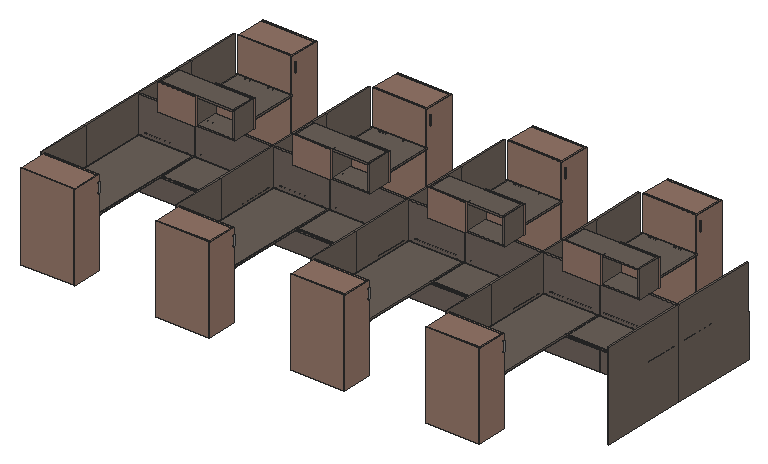
Revit family "T200031", category Furniture, Revit 2022
Family settings
  OmniClass Number = 23.40.20.00
  OmniClass Title = General Furniture and Specialties
  Work Plane-Based = No
  Always vertical = Yes
  Cut with Voids When Loaded = No
  Render Appearance Source = Family Geometry
  Shared = No
  Room Calculation Point = No
Parameters
  Default Elevation = 0' - 0"
Reference planes (in)
  plane 1 "Center Front/Back": y = 0
  plane 2: z = 0
  plane 3 "Center Left/Right": x = 0
Dimensions and locks (in)
  aligned and locked: level to plane 2
Nested families (in)
  nested 1: "STAKS SPINE OR DIVIDER WALL 48in" at (-156.05498, 2.33365, 0), type "STAKS SPINE OR DIVIDER WALL 48in X 33in"
    with Height Above Floor 4' - 0", Width 2' - 7 1/2"
  nested 2: "STAKS SPINE OR DIVIDER WALL 48in" at (-124.55498, 2.33365, 0), type "STAKS SPINE OR DIVIDER WALL 48in X 42in"
    with Height Above Floor 4' - 0"
  nested 3: "STAKS SPINE OR DIVIDER WALL 48in" at (-151.33365, -7.55498, 0) x (0, 1, 0) z (0, 0, 1), type "STAKS SPINE OR DIVIDER WALL 48in X 37in"
    with Height Above Floor 4' - 0", Width 3' - 0 1/2"
  nested 4: "STAKS SPINE OR DIVIDER WALL 48in" at (-146.66635, 74.05498, 0) x (0, -1, 0) z (0, 0, 1), type "STAKS SPINE OR DIVIDER WALL 48in X 30in"
    with Height Above Floor 4' - 0"
  nested 5: "STAKS RECTANGULAR WORKSURFACES Worksurface Height" at (-148.83365, -5.55498, 0) x (0, 1, 0) z (0, 0, 1), type "STAKS RECTANGULAR WORKSURFACE 66 x 30"
    with Height Above Floor 2' - 5", Width 5' - 4 1/2"
  nested 6: "STAKS RECTANGULAR WORKSURFACES Short Grain" at (-124.55498, 25.83365, 0), type "STAKS RECTANGULAR WORKSURFACE 22 x 42"
    with Height Above Floor 2' - 5"
  nested 7: "STAKS BENCHING WORKSURFACE BRACKETS" at (-123.20122, 63.8434, 0), type "STAKS BENCHING WORKSURFACE BRACKET 8in"
  nested 8: "STAKS BENCHING WORKSURFACE BRACKETS" at (-109.93636, 63.8434, 0), type "STAKS BENCHING WORKSURFACE BRACKET 8in"
  nested 9: "STAKS BENCHING 4 X 4 CLAMP PLATE" at (-100.5, 5.27126, 0), type "STAKS BENCHING 4 X 4 CLAMP PLATE"
  nested 10: "STAKS BENCHING 4 X 4 CLAMP PLATE" at (-100.5, 15.77126, 0), type "STAKS BENCHING 4 X 4 CLAMP PLATE"
  nested 11: "STAKS WORKSURFACE HEIGHT PEDESTAL - FILE-FILE - NO RISER SUPPORT" at (-61.85844, 24.49166, 0) x (-1, 0, 0) z (0, 0, 1), type "STAKS WORKSURFACE HEIGHT PEDESTAL - FILE-FILE - NO RISER SUPPORT 19in D"
  nested 12: "STAKS 15H SHARED ORGANIZER One Opening Per Side" at (-138.70303, 8.66784, 0), type "STAKS 15H SHARED ORGANIZER 42in W"
    with Height Above Floor 5' - 2 1/2"
  nested 13: "STAKS FABRIC TACKBOARD FOR SPINE OR DIVIDER WALL" at (-156.05498, 2.83365, -0.34437), type "STAKS FABRIC TACKBOARD FOR SPINE OR DIVIDER WALL 18H x 49-73.9375W"
    with Height Above Floor 3' - 11 1/2", Width 6' - 1 1/2"
  nested 14: "STAKS SLIDE OUT STORAGE TOWER Full Door" at (-126.99965, 45.52289, 0) x (0, 1, 0) z (0, 0, 1), type "STAKS SLIDE OUT STORAGE TOWER 48H Right - Three Section Felt Pocket & Section Felt Pocket & 2 Stationary Shelf"
  nested 15: "STAKS BENCHING CANTILEVER WORKSURFACE BRACKET - MINI CONCEALED" at (-136.90946, 3.37535, 0) x (-1, 0, 0) z (0, 0, 1), type "STAKS CANTILEVER WORKSURFACE BRACKET - MINI CONCEALED"
  nested 16: "STAKS BENCHING CANTILEVER WORKSURFACE BRACKET - MINI CONCEALED" at (-145.62465, -10.33296, 0) x (0, -1, 0) z (0, 0, 1), type ""
  nested 17: "STAKS BENCHING CANTILEVER WORKSURFACE BRACKET - OPEN" at (-145.62465, 57.55286, 0) x (0, 1, 0) z (0, 0, 1), type "CANTILEVER WORKSURFACE BRACKET - OPEN 30in"
  nested 18: "STAKS BENCHING CANTILEVER WORKSURFACE BRACKET - OPEN" at (-121.03806, 3.37535, 0) x (-1, 0, 0) z (0, 0, 1), type "CANTILEVER WORKSURFACE BRACKET - OPEN 22in"
  nested 19: "STAKS BENCHING PEDESTAL TO WALL BRACKET Z SHAPED" at (-84.01227, -14.00964, -4.75) x (0, -1, 0) z (0, 0, 1), type "STAKS BENCHING PEDESTAL TO WALL BRACKET Z SHAPED"
  nested 20: "STAKS BENCHING PEDESTAL TO WALL BRACKET Z SHAPED" at (-84.01227, -14.00869, -19.25524) x (0, -1, 0) z (0, 0, 1), type "STAKS BENCHING PEDESTAL TO WALL BRACKET Z SHAPED"
  nested 21: "STAKS BENCHING PRESS FIT BRACKET" at (-124.43052, -16.5, 0) x (0, -1, 0) z (0, 0, 1), type "STAKS BENCHING PRESS FIT BRACKET"
  nested 22: "STAKS BENCHING PRESS FIT BRACKET" at (-98.86559, -16.5, 0) x (0, -1, 0) z (0, 0, 1), type ""
  nested 23: "STAKS SPINE OR DIVIDER WALL 48in" at (-151.33365, 7.55498, 0) x (0, -1, 0) z (0, 0, 1), type ""
    with Height Above Floor 4' - 0", Width 3' - 0 1/2"
  nested 24: "STAKS SPINE OR DIVIDER WALL 48in" at (-146.66635, -74.05498, 0) x (0, 1, 0) z (0, 0, 1), type ""
    with Height Above Floor 4' - 0"
  nested 25: "STAKS RECTANGULAR WORKSURFACES Worksurface Height" at (-148.83365, 5.55498, 0) x (0, -1, 0) z (0, 0, 1), type ""
    with Height Above Floor 2' - 5", Width 5' - 4 1/2"
  nested 26: "STAKS RECTANGULAR WORKSURFACES Short Grain" at (-124.55498, -25.83365, 0), type ""
    with Height Above Floor 2' - 5"
  nested 27: "STAKS BENCHING WORKSURFACE BRACKETS" at (-123.20122, -63.8434, 0), type ""
  nested 28: "STAKS BENCHING WORKSURFACE BRACKETS" at (-109.93636, -63.8434, 0), type ""
  nested 29: "STAKS BENCHING 4 X 4 CLAMP PLATE" at (-100.5, -5.27126, 0), type ""
  nested 30: "STAKS BENCHING 4 X 4 CLAMP PLATE" at (-100.5, -15.77126, 0), type ""
  nested 31: "STAKS WORKSURFACE HEIGHT PEDESTAL - FILE-FILE - NO RISER SUPPORT" at (-61.85844, -24.49166, 0) x (-1, 0, 0) z (0, 0, 1), type ""
  nested 32: "STAKS SLIDE OUT STORAGE TOWER Full Door" at (-126.99965, -45.52289, 0) x (0, -1, 0) z (0, 0, 1), type ""
  nested 33: "STAKS BENCHING CANTILEVER WORKSURFACE BRACKET - MINI CONCEALED" at (-136.90946, -3.37535, 0) x (-1, 0, 0) z (0, 0, 1), type ""
  nested 34: "STAKS BENCHING CANTILEVER WORKSURFACE BRACKET - MINI CONCEALED" at (-145.62465, 10.33296, 0) x (0, 1, 0) z (0, 0, 1), type "STAKS CANTILEVER WORKSURFACE BRACKET - MINI CONCEALED"
  nested 35: "STAKS BENCHING CANTILEVER WORKSURFACE BRACKET - OPEN" at (-145.62465, -57.55286, 0) x (0, -1, 0) z (0, 0, 1), type ""
  nested 36: "STAKS BENCHING CANTILEVER WORKSURFACE BRACKET - OPEN" at (-121.03806, -3.37535, 0) x (-1, 0, 0) z (0, 0, 1), type ""
  nested 37: "STAKS BENCHING PEDESTAL TO WALL BRACKET Z SHAPED" at (-84.01227, 14.00964, -4.75) x (0, 1, 0) z (0, 0, 1), type ""
  nested 38: "STAKS SPINE OR DIVIDER WALL 48in" at (-81.55498, 2.33365, 0), type "STAKS SPINE OR DIVIDER WALL 48in X 33in"
    with Height Above Floor 4' - 0", Width 2' - 7 1/2"
  nested 39: "STAKS SPINE OR DIVIDER WALL 48in" at (-50.05498, 2.33365, 0), type "STAKS SPINE OR DIVIDER WALL 48in X 42in"
    with Height Above Floor 4' - 0"
  nested 40: "STAKS SPINE OR DIVIDER WALL 48in" at (-76.83365, -7.55498, 0) x (0, 1, 0) z (0, 0, 1), type "STAKS SPINE OR DIVIDER WALL 48in X 37in"
    with Height Above Floor 4' - 0", Width 3' - 0 1/2"
  nested 41: "STAKS SPINE OR DIVIDER WALL 48in" at (-72.16635, 74.05498, 0) x (0, -1, 0) z (0, 0, 1), type "STAKS SPINE OR DIVIDER WALL 48in X 30in"
    with Height Above Floor 4' - 0"
  nested 42: "STAKS RECTANGULAR WORKSURFACES Worksurface Height" at (-74.33365, -5.55498, 0) x (0, 1, 0) z (0, 0, 1), type "STAKS RECTANGULAR WORKSURFACE 66 x 30"
    with Height Above Floor 2' - 5", Width 5' - 4 1/2"
  nested 43: "STAKS RECTANGULAR WORKSURFACES Short Grain" at (-50.05498, 25.83365, 0), type "STAKS RECTANGULAR WORKSURFACE 22 x 42"
    with Height Above Floor 2' - 5"
  nested 44: "STAKS BENCHING WORKSURFACE BRACKETS" at (-48.70122, 63.8434, 0), type "STAKS BENCHING WORKSURFACE BRACKET 8in"
  nested 45: "STAKS BENCHING WORKSURFACE BRACKETS" at (-35.43636, 63.8434, 0), type "STAKS BENCHING WORKSURFACE BRACKET 8in"
  nested 46: "STAKS BENCHING 4 X 4 CLAMP PLATE" at (-26, 5.27126, 0), type "STAKS BENCHING 4 X 4 CLAMP PLATE"
  nested 47: "STAKS BENCHING 4 X 4 CLAMP PLATE" at (-26, 15.77126, 0), type "STAKS BENCHING 4 X 4 CLAMP PLATE"
  nested 48: "STAKS WORKSURFACE HEIGHT PEDESTAL - FILE-FILE - NO RISER SUPPORT" at (12.64156, 24.49166, 0) x (-1, 0, 0) z (0, 0, 1), type "STAKS WORKSURFACE HEIGHT PEDESTAL - FILE-FILE - NO RISER SUPPORT 19in D"
  nested 49: "STAKS 15H SHARED ORGANIZER One Opening Per Side" at (-64.20303, 8.66784, 0), type "STAKS 15H SHARED ORGANIZER 42in W"
    with Height Above Floor 5' - 2 1/2"
  nested 50: "STAKS FABRIC TACKBOARD FOR SPINE OR DIVIDER WALL" at (-81.55498, 2.83365, -0.34437), type "STAKS FABRIC TACKBOARD FOR SPINE OR DIVIDER WALL 18H x 49-73.9375W"
    with Height Above Floor 3' - 11 1/2", Width 6' - 1 1/2"
  nested 51: "STAKS SLIDE OUT STORAGE TOWER Full Door" at (-52.49965, 45.52289, 0) x (0, 1, 0) z (0, 0, 1), type "STAKS SLIDE OUT STORAGE TOWER 48H Right - Three Section Felt Pocket & Section Felt Pocket & 2 Stationary Shelf"
  nested 52: "STAKS BENCHING CANTILEVER WORKSURFACE BRACKET - MINI CONCEALED" at (-62.40946, 3.37535, 0) x (-1, 0, 0) z (0, 0, 1), type "STAKS CANTILEVER WORKSURFACE BRACKET - MINI CONCEALED"
  nested 53: "STAKS BENCHING CANTILEVER WORKSURFACE BRACKET - MINI CONCEALED" at (-71.12465, -10.33296, 0) x (0, -1, 0) z (0, 0, 1), type ""
  nested 54: "STAKS BENCHING CANTILEVER WORKSURFACE BRACKET - OPEN" at (-71.12465, 57.55286, 0) x (0, 1, 0) z (0, 0, 1), type "CANTILEVER WORKSURFACE BRACKET - OPEN 30in"
  nested 55: "STAKS BENCHING CANTILEVER WORKSURFACE BRACKET - OPEN" at (-46.53806, 3.37535, 0) x (-1, 0, 0) z (0, 0, 1), type "CANTILEVER WORKSURFACE BRACKET - OPEN 22in"
  nested 56: "STAKS BENCHING PEDESTAL TO WALL BRACKET Z SHAPED" at (-9.51227, -14.00964, -4.75) x (0, -1, 0) z (0, 0, 1), type "STAKS BENCHING PEDESTAL TO WALL BRACKET Z SHAPED"
  nested 57: "STAKS BENCHING PEDESTAL TO WALL BRACKET Z SHAPED" at (-9.51227, -14.00869, -19.25524) x (0, -1, 0) z (0, 0, 1), type "STAKS BENCHING PEDESTAL TO WALL BRACKET Z SHAPED"
  nested 58: "STAKS BENCHING PRESS FIT BRACKET" at (-49.93052, -16.5, 0) x (0, -1, 0) z (0, 0, 1), type "STAKS BENCHING PRESS FIT BRACKET"
  nested 59: "STAKS BENCHING PRESS FIT BRACKET" at (-24.36559, -16.5, 0) x (0, -1, 0) z (0, 0, 1), type ""
  nested 60: "STAKS SPINE OR DIVIDER WALL 48in" at (-76.83365, 7.55498, 0) x (0, -1, 0) z (0, 0, 1), type ""
    with Height Above Floor 4' - 0", Width 3' - 0 1/2"
  nested 61: "STAKS SPINE OR DIVIDER WALL 48in" at (-72.16635, -74.05498, 0) x (0, 1, 0) z (0, 0, 1), type ""
    with Height Above Floor 4' - 0"
  nested 62: "STAKS RECTANGULAR WORKSURFACES Worksurface Height" at (-74.33365, 5.55498, 0) x (0, -1, 0) z (0, 0, 1), type ""
    with Height Above Floor 2' - 5", Width 5' - 4 1/2"
  nested 63: "STAKS RECTANGULAR WORKSURFACES Short Grain" at (-50.05498, -25.83365, 0), type ""
    with Height Above Floor 2' - 5"
  nested 64: "STAKS BENCHING WORKSURFACE BRACKETS" at (-48.70122, -63.8434, 0), type ""
  nested 65: "STAKS BENCHING WORKSURFACE BRACKETS" at (-35.43636, -63.8434, 0), type ""
  nested 66: "STAKS BENCHING 4 X 4 CLAMP PLATE" at (-26, -5.27126, 0), type ""
  nested 67: "STAKS BENCHING 4 X 4 CLAMP PLATE" at (-26, -15.77126, 0), type ""
  nested 68: "STAKS WORKSURFACE HEIGHT PEDESTAL - FILE-FILE - NO RISER SUPPORT" at (12.64156, -24.49166, 0) x (-1, 0, 0) z (0, 0, 1), type ""
  nested 69: "STAKS SLIDE OUT STORAGE TOWER Full Door" at (-52.49965, -45.52289, 0) x (0, -1, 0) z (0, 0, 1), type ""
  nested 70: "STAKS BENCHING CANTILEVER WORKSURFACE BRACKET - MINI CONCEALED" at (-62.40946, -3.37535, 0) x (-1, 0, 0) z (0, 0, 1), type ""
  nested 71: "STAKS BENCHING CANTILEVER WORKSURFACE BRACKET - MINI CONCEALED" at (-71.12465, 10.33296, 0) x (0, 1, 0) z (0, 0, 1), type "STAKS CANTILEVER WORKSURFACE BRACKET - MINI CONCEALED"
  nested 72: "STAKS BENCHING CANTILEVER WORKSURFACE BRACKET - OPEN" at (-71.12465, -57.55286, 0) x (0, -1, 0) z (0, 0, 1), type ""
  nested 73: "STAKS BENCHING CANTILEVER WORKSURFACE BRACKET - OPEN" at (-46.53806, -3.37535, 0) x (-1, 0, 0) z (0, 0, 1), type ""
  nested 74: "STAKS BENCHING PEDESTAL TO WALL BRACKET Z SHAPED" at (-9.51227, 14.00964, -4.75) x (0, 1, 0) z (0, 0, 1), type ""
  nested 75: "STAKS SPINE OR DIVIDER WALL 48in" at (-7.05498, 2.33365, 0), type "STAKS SPINE OR DIVIDER WALL 48in X 33in"
    with Height Above Floor 4' - 0", Width 2' - 7 1/2"
  nested 76: "STAKS SPINE OR DIVIDER WALL 48in" at (24.44502, 2.33365, 0), type "STAKS SPINE OR DIVIDER WALL 48in X 42in"
    with Height Above Floor 4' - 0"
  nested 77: "STAKS SPINE OR DIVIDER WALL 48in" at (-2.33365, -7.55498, 0) x (0, 1, 0) z (0, 0, 1), type "STAKS SPINE OR DIVIDER WALL 48in X 37in"
    with Height Above Floor 4' - 0", Width 3' - 0 1/2"
  nested 78: "STAKS SPINE OR DIVIDER WALL 48in" at (2.33365, 74.05498, 0) x (0, -1, 0) z (0, 0, 1), type "STAKS SPINE OR DIVIDER WALL 48in X 30in"
    with Height Above Floor 4' - 0"
  nested 79: "STAKS RECTANGULAR WORKSURFACES Worksurface Height" at (0.16635, -5.55498, 0) x (0, 1, 0) z (0, 0, 1), type "STAKS RECTANGULAR WORKSURFACE 66 x 30"
    with Height Above Floor 2' - 5", Width 5' - 4 1/2"
  nested 80: "STAKS RECTANGULAR WORKSURFACES Short Grain" at (24.44502, 25.83365, 0), type "STAKS RECTANGULAR WORKSURFACE 22 x 42"
    with Height Above Floor 2' - 5"
  nested 81: "STAKS BENCHING WORKSURFACE BRACKETS" at (25.79878, 63.8434, 0), type "STAKS BENCHING WORKSURFACE BRACKET 8in"
  nested 82: "STAKS BENCHING WORKSURFACE BRACKETS" at (39.06364, 63.8434, 0), type "STAKS BENCHING WORKSURFACE BRACKET 8in"
  nested 83: "STAKS BENCHING 4 X 4 CLAMP PLATE" at (48.5, 5.27126, 0), type "STAKS BENCHING 4 X 4 CLAMP PLATE"
  nested 84: "STAKS BENCHING 4 X 4 CLAMP PLATE" at (48.5, 15.77126, 0), type "STAKS BENCHING 4 X 4 CLAMP PLATE"
  nested 85: "STAKS WORKSURFACE HEIGHT PEDESTAL - FILE-FILE - NO RISER SUPPORT" at (87.14156, 24.49166, 0) x (-1, 0, 0) z (0, 0, 1), type "STAKS WORKSURFACE HEIGHT PEDESTAL - FILE-FILE - NO RISER SUPPORT 19in D"
  nested 86: "STAKS 15H SHARED ORGANIZER One Opening Per Side" at (10.29697, 8.66784, 0), type "STAKS 15H SHARED ORGANIZER 42in W"
    with Height Above Floor 5' - 2 1/2"
  nested 87: "STAKS FABRIC TACKBOARD FOR SPINE OR DIVIDER WALL" at (-7.05498, 2.83365, -0.34437), type "STAKS FABRIC TACKBOARD FOR SPINE OR DIVIDER WALL 18H x 49-73.9375W"
    with Height Above Floor 3' - 11 1/2", Width 6' - 1 1/2"
  nested 88: "STAKS SLIDE OUT STORAGE TOWER Full Door" at (22.00035, 45.52289, 0) x (0, 1, 0) z (0, 0, 1), type "STAKS SLIDE OUT STORAGE TOWER 48H Right - Three Section Felt Pocket & Section Felt Pocket & 2 Stationary Shelf"
  nested 89: "STAKS BENCHING CANTILEVER WORKSURFACE BRACKET - MINI CONCEALED" at (12.09054, 3.37535, 0) x (-1, 0, 0) z (0, 0, 1), type "STAKS CANTILEVER WORKSURFACE BRACKET - MINI CONCEALED"
  nested 90: "STAKS BENCHING CANTILEVER WORKSURFACE BRACKET - MINI CONCEALED" at (3.37535, -10.33296, 0) x (0, -1, 0) z (0, 0, 1), type ""
  nested 91: "STAKS BENCHING CANTILEVER WORKSURFACE BRACKET - OPEN" at (3.37535, 57.55286, 0) x (0, 1, 0) z (0, 0, 1), type "CANTILEVER WORKSURFACE BRACKET - OPEN 30in"
  nested 92: "STAKS BENCHING CANTILEVER WORKSURFACE BRACKET - OPEN" at (27.96194, 3.37535, 0) x (-1, 0, 0) z (0, 0, 1), type "CANTILEVER WORKSURFACE BRACKET - OPEN 22in"
  nested 93: "STAKS BENCHING PEDESTAL TO WALL BRACKET Z SHAPED" at (64.98773, -14.00964, -4.75) x (0, -1, 0) z (0, 0, 1), type "STAKS BENCHING PEDESTAL TO WALL BRACKET Z SHAPED"
  nested 94: "STAKS BENCHING PEDESTAL TO WALL BRACKET Z SHAPED" at (64.98773, -14.00869, -19.25524) x (0, -1, 0) z (0, 0, 1), type "STAKS BENCHING PEDESTAL TO WALL BRACKET Z SHAPED"
  nested 95: "STAKS BENCHING PRESS FIT BRACKET" at (24.56948, -16.5, 0) x (0, -1, 0) z (0, 0, 1), type "STAKS BENCHING PRESS FIT BRACKET"
  nested 96: "STAKS BENCHING PRESS FIT BRACKET" at (50.13441, -16.5, 0) x (0, -1, 0) z (0, 0, 1), type ""
  nested 97: "STAKS SPINE OR DIVIDER WALL 48in" at (-2.33365, 7.55498, 0) x (0, -1, 0) z (0, 0, 1), type ""
    with Height Above Floor 4' - 0", Width 3' - 0 1/2"
  nested 98: "STAKS SPINE OR DIVIDER WALL 48in" at (2.33365, -74.05498, 0) x (0, 1, 0) z (0, 0, 1), type ""
    with Height Above Floor 4' - 0"
  nested 99: "STAKS RECTANGULAR WORKSURFACES Worksurface Height" at (0.16635, 5.55498, 0) x (0, -1, 0) z (0, 0, 1), type ""
    with Height Above Floor 2' - 5", Width 5' - 4 1/2"
  nested 100: "STAKS RECTANGULAR WORKSURFACES Short Grain" at (24.44502, -25.83365, 0), type ""
    with Height Above Floor 2' - 5"
  nested 101: "STAKS BENCHING WORKSURFACE BRACKETS" at (25.79878, -63.8434, 0), type ""
  nested 102: "STAKS BENCHING WORKSURFACE BRACKETS" at (39.06364, -63.8434, 0), type ""
  nested 103: "STAKS BENCHING 4 X 4 CLAMP PLATE" at (48.5, -5.27126, 0), type ""
  nested 104: "STAKS BENCHING 4 X 4 CLAMP PLATE" at (48.5, -15.77126, 0), type ""
  nested 105: "STAKS WORKSURFACE HEIGHT PEDESTAL - FILE-FILE - NO RISER SUPPORT" at (87.14156, -24.49166, 0) x (-1, 0, 0) z (0, 0, 1), type ""
  nested 106: "STAKS SLIDE OUT STORAGE TOWER Full Door" at (22.00035, -45.52289, 0) x (0, -1, 0) z (0, 0, 1), type ""
  nested 107: "STAKS BENCHING CANTILEVER WORKSURFACE BRACKET - MINI CONCEALED" at (12.09054, -3.37535, 0) x (-1, 0, 0) z (0, 0, 1), type ""
  nested 108: "STAKS BENCHING CANTILEVER WORKSURFACE BRACKET - MINI CONCEALED" at (3.37535, 10.33296, 0) x (0, 1, 0) z (0, 0, 1), type "STAKS CANTILEVER WORKSURFACE BRACKET - MINI CONCEALED"
  nested 109: "STAKS BENCHING CANTILEVER WORKSURFACE BRACKET - OPEN" at (3.37535, -57.55286, 0) x (0, -1, 0) z (0, 0, 1), type ""
  nested 110: "STAKS BENCHING CANTILEVER WORKSURFACE BRACKET - OPEN" at (27.96194, -3.37535, 0) x (-1, 0, 0) z (0, 0, 1), type ""
  nested 111: "STAKS BENCHING PEDESTAL TO WALL BRACKET Z SHAPED" at (64.98773, 14.00964, -4.75) x (0, 1, 0) z (0, 0, 1), type ""
  nested 112: "STAKS SPINE OR DIVIDER WALL 48in" at (67.44502, 2.33365, 0), type "STAKS SPINE OR DIVIDER WALL 48in X 33in"
    with Height Above Floor 4' - 0", Width 2' - 7 1/2"
  nested 113: "STAKS SPINE OR DIVIDER WALL 48in" at (98.94502, 2.33365, 0), type "STAKS SPINE OR DIVIDER WALL 48in X 42in"
    with Height Above Floor 4' - 0"
  nested 114: "STAKS SPINE OR DIVIDER WALL 48in" at (72.16635, -7.55498, 0) x (0, 1, 0) z (0, 0, 1), type "STAKS SPINE OR DIVIDER WALL 48in X 37in"
    with Height Above Floor 4' - 0", Width 3' - 0 1/2"
  nested 115: "STAKS SPINE OR DIVIDER WALL 48in" at (76.83365, 74.05498, 0) x (0, -1, 0) z (0, 0, 1), type "STAKS SPINE OR DIVIDER WALL 48in X 30in"
    with Height Above Floor 4' - 0"
  nested 116: "STAKS RECTANGULAR WORKSURFACES Worksurface Height" at (74.66635, -5.55498, 0) x (0, 1, 0) z (0, 0, 1), type "STAKS RECTANGULAR WORKSURFACE 66 x 30"
    with Height Above Floor 2' - 5", Width 5' - 4 1/2"
  nested 117: "STAKS RECTANGULAR WORKSURFACES Short Grain" at (98.94502, 25.83365, 0), type "STAKS RECTANGULAR WORKSURFACE 22 x 42"
    with Height Above Floor 2' - 5"
  nested 118: "STAKS BENCHING WORKSURFACE BRACKETS" at (100.29878, 63.8434, 0), type "STAKS BENCHING WORKSURFACE BRACKET 8in"
  nested 119: "STAKS BENCHING WORKSURFACE BRACKETS" at (113.56364, 63.8434, 0), type "STAKS BENCHING WORKSURFACE BRACKET 8in"
  nested 120: "STAKS BENCHING 4 X 4 CLAMP PLATE" at (123, 5.27126, 0), type "STAKS BENCHING 4 X 4 CLAMP PLATE"
  nested 121: "STAKS BENCHING 4 X 4 CLAMP PLATE" at (123, 15.77126, 0), type "STAKS BENCHING 4 X 4 CLAMP PLATE"
  nested 122: "STAKS WORKSURFACE HEIGHT PEDESTAL - FILE-FILE - NO RISER SUPPORT" at (161.64156, 24.49166, 0) x (-1, 0, 0) z (0, 0, 1), type "STAKS WORKSURFACE HEIGHT PEDESTAL - FILE-FILE - NO RISER SUPPORT 19in D"
  nested 123: "STAKS 15H SHARED ORGANIZER One Opening Per Side" at (84.79697, 8.66784, 0), type "STAKS 15H SHARED ORGANIZER 42in W"
    with Height Above Floor 5' - 2 1/2"
  nested 124: "STAKS FABRIC TACKBOARD FOR SPINE OR DIVIDER WALL" at (67.44502, 2.83365, -0.34437), type "STAKS FABRIC TACKBOARD FOR SPINE OR DIVIDER WALL 18H x 49-73.9375W"
    with Height Above Floor 3' - 11 1/2", Width 6' - 1 1/2"
  nested 125: "STAKS SLIDE OUT STORAGE TOWER Full Door" at (96.50035, 45.52289, 0) x (0, 1, 0) z (0, 0, 1), type "STAKS SLIDE OUT STORAGE TOWER 48H Right - Three Section Felt Pocket & Section Felt Pocket & 2 Stationary Shelf"
  nested 126: "STAKS BENCHING CANTILEVER WORKSURFACE BRACKET - MINI CONCEALED" at (86.59054, 3.37535, 0) x (-1, 0, 0) z (0, 0, 1), type "STAKS CANTILEVER WORKSURFACE BRACKET - MINI CONCEALED"
  nested 127: "STAKS BENCHING CANTILEVER WORKSURFACE BRACKET - MINI CONCEALED" at (77.87535, -10.33296, 0) x (0, -1, 0) z (0, 0, 1), type ""
  nested 128: "STAKS BENCHING CANTILEVER WORKSURFACE BRACKET - OPEN" at (77.87535, 57.55286, 0) x (0, 1, 0) z (0, 0, 1), type "CANTILEVER WORKSURFACE BRACKET - OPEN 30in"
  nested 129: "STAKS BENCHING CANTILEVER WORKSURFACE BRACKET - OPEN" at (102.46194, 3.37535, 0) x (-1, 0, 0) z (0, 0, 1), type "CANTILEVER WORKSURFACE BRACKET - OPEN 22in"
  nested 130: "STAKS BENCHING PEDESTAL TO WALL BRACKET Z SHAPED" at (139.48773, -14.00964, -4.75) x (0, -1, 0) z (0, 0, 1), type "STAKS BENCHING PEDESTAL TO WALL BRACKET Z SHAPED"
  nested 131: "STAKS BENCHING PEDESTAL TO WALL BRACKET Z SHAPED" at (139.48773, -14.00869, -19.25524) x (0, -1, 0) z (0, 0, 1), type "STAKS BENCHING PEDESTAL TO WALL BRACKET Z SHAPED"
  nested 132: "STAKS BENCHING PRESS FIT BRACKET" at (99.06948, -16.5, 0) x (0, -1, 0) z (0, 0, 1), type "STAKS BENCHING PRESS FIT BRACKET"
  nested 133: "STAKS BENCHING PRESS FIT BRACKET" at (124.63441, -16.5, 0) x (0, -1, 0) z (0, 0, 1), type ""
  nested 134: "STAKS SPINE OR DIVIDER WALL 48in" at (72.16635, 7.55498, 0) x (0, -1, 0) z (0, 0, 1), type ""
    with Height Above Floor 4' - 0", Width 3' - 0 1/2"
  nested 135: "STAKS SPINE OR DIVIDER WALL 48in" at (76.83365, -74.05498, 0) x (0, 1, 0) z (0, 0, 1), type ""
    with Height Above Floor 4' - 0"
  nested 136: "STAKS RECTANGULAR WORKSURFACES Worksurface Height" at (74.66635, 5.55498, 0) x (0, -1, 0) z (0, 0, 1), type ""
    with Height Above Floor 2' - 5", Width 5' - 4 1/2"
  nested 137: "STAKS RECTANGULAR WORKSURFACES Short Grain" at (98.94502, -25.83365, 0), type ""
    with Height Above Floor 2' - 5"
  nested 138: "STAKS BENCHING WORKSURFACE BRACKETS" at (100.29878, -63.8434, 0), type ""
  nested 139: "STAKS BENCHING WORKSURFACE BRACKETS" at (113.56364, -63.8434, 0), type ""
  nested 140: "STAKS BENCHING 4 X 4 CLAMP PLATE" at (123, -5.27126, 0), type ""
  nested 141: "STAKS BENCHING 4 X 4 CLAMP PLATE" at (123, -15.77126, 0), type ""
  nested 142: "STAKS WORKSURFACE HEIGHT PEDESTAL - FILE-FILE - NO RISER SUPPORT" at (161.64156, -24.49166, 0) x (-1, 0, 0) z (0, 0, 1), type ""
  nested 143: "STAKS SLIDE OUT STORAGE TOWER Full Door" at (96.50035, -45.52289, 0) x (0, -1, 0) z (0, 0, 1), type ""
  nested 144: "STAKS BENCHING CANTILEVER WORKSURFACE BRACKET - MINI CONCEALED" at (86.59054, -3.37535, 0) x (-1, 0, 0) z (0, 0, 1), type ""
  nested 145: "STAKS BENCHING CANTILEVER WORKSURFACE BRACKET - MINI CONCEALED" at (77.87535, 10.33296, 0) x (0, 1, 0) z (0, 0, 1), type "STAKS CANTILEVER WORKSURFACE BRACKET - MINI CONCEALED"
  nested 146: "STAKS BENCHING CANTILEVER WORKSURFACE BRACKET - OPEN" at (77.87535, -57.55286, 0) x (0, -1, 0) z (0, 0, 1), type ""
  nested 147: "STAKS BENCHING CANTILEVER WORKSURFACE BRACKET - OPEN" at (102.46194, -3.37535, 0) x (-1, 0, 0) z (0, 0, 1), type ""
  nested 148: "STAKS BENCHING PEDESTAL TO WALL BRACKET Z SHAPED" at (139.48773, 14.00964, -4.75) x (0, 1, 0) z (0, 0, 1), type ""
  nested 149: "STAKS SPINE OR DIVIDER WALL 48in" at (151.33365, 55.55498, 0) x (0, -1, 0) z (0, 0, 1), type "STAKS SPINE OR DIVIDER WALL 48in X 48in"
    with Height Above Floor 4' - 0"
  nested 150: "STAKS SPINE OR DIVIDER WALL 48in" at (151.33365, -55.55498, 0) x (0, 1, 0) z (0, 0, 1), type ""
    with Height Above Floor 4' - 0"
Definition of nested family "STAKS SPINE OR DIVIDER WALL 48in"
  Parameters (values of type "STAKS SPINE OR DIVIDER WALL 48in X 24in")
    URL = "http://www.ofs.com/"
    Height Above Floor [instance] = 4' - 0"
    Height = 4' - 0"
    Depth = 0' - 1"
    Model = "6-PAN-48/24"
    Manufacturer = "OFS"
    Description = "OFS STAKS SPINE OR DIVIDER WALL 48\" Height x 24\" Width, Levelers allow 2.5\" Height Adjustability for Uneven Floor"
    Width = 2' - 0"
    Default Elevation = 0' - 0"
    Copyright © = "© 2018 OFS"
    Catalog = "https://ofs.com/products/casegoods/private-office/staks"
    Authoring Version = "Autodesk Revit Architecture 2013"
    Assembly Code = "E2020200"
  Types (19): name | Model | Description | Width
    STAKS SPINE OR DIVIDER WALL 48in X 24in | "6-PAN-48/24" | "OFS STAKS SPINE OR DIVIDER WALL 48\" Height x 24\" Width, Levelers allow 2.5\" Height Adjustability for Uneven Floor" | 2' - 0"
    STAKS SPINE OR DIVIDER WALL 48in X 33in | "6-PAN-48/33" | "OFS STAKS SPINE OR DIVIDER WALL 48\" Height x 33\" Width, Levelers allow 2.5\" Height Adjustability for Uneven Floor" | 2' - 9"
    STAKS SPINE OR DIVIDER WALL 48in X 26in | "6-PAN-48/26" | "OFS STAKS SPINE OR DIVIDER WALL 48\" Height x 26\" Width, Levelers allow 2.5\" Height Adjustability for Uneven Floor" | 2' - 2"
    STAKS SPINE OR DIVIDER WALL 48in X 30in | "6-PAN-48/30" | "OFS STAKS SPINE OR DIVIDER WALL 48\" Height x 30\" Width, Levelers allow 2.5\" Height Adjustability for Uneven Floor" | 2' - 6"
    STAKS SPINE OR DIVIDER WALL 48in X 36in | "6-PAN-48/36" | "OFS STAKS SPINE OR DIVIDER WALL 48\" Height x 36\" Width, Levelers allow 2.5\" Height Adjustability for Uneven Floor" | 3' - 0"
    STAKS SPINE OR DIVIDER WALL 48in X 37in | "6-PAN-48/37" | "OFS STAKS SPINE OR DIVIDER WALL 48\" Height x 37\" Width, Levelers allow 2.5\" Height Adjustability for Uneven Floor" | 3' - 1"
    STAKS SPINE OR DIVIDER WALL 48in X 39in | "6-PAN-48/39" | "OFS STAKS SPINE OR DIVIDER WALL 48\" Height x 39\" Width, Levelers allow 2.5\" Height Adjustability for Uneven Floor" | 3' - 3"
    STAKS SPINE OR DIVIDER WALL 48in X 40in | "6-PAN-48/40" | "OFS STAKS SPINE OR DIVIDER WALL 48\" Height x 40\" Width, Levelers allow 2.5\" Height Adjustability for Uneven Floor" | 3' - 4"
    STAKS SPINE OR DIVIDER WALL 48in X 42in | "6-PAN-48/42" | "OFS STAKS SPINE OR DIVIDER WALL 48\" Height x 42\" Width, Levelers allow 2.5\" Height Adjustability for Uneven Floor" | 3' - 6"
    STAKS SPINE OR DIVIDER WALL 48in X 44in | "6-PAN-48/44" | "OFS STAKS SPINE OR DIVIDER WALL 48\" Height x 44\" Width, Levelers allow 2.5\" Height Adjustability for Uneven Floor" | 3' - 8"
    STAKS SPINE OR DIVIDER WALL 48in X 45in | "6-PAN-48/45" | "OFS STAKS SPINE OR DIVIDER WALL 48\" Height x 45\" Width, Levelers allow 2.5\" Height Adjustability for Uneven Floor" | 3' - 9"
    STAKS SPINE OR DIVIDER WALL 48in X 47in | "6-PAN-48/47" | "OFS STAKS SPINE OR DIVIDER WALL 48\" Height x 47\" Width, Levelers allow 2.5\" Height Adjustability for Uneven Floor" | 3' - 11"
    STAKS SPINE OR DIVIDER WALL 48in X 48in | "6-PAN-48/48" | "OFS STAKS SPINE OR DIVIDER WALL 48\" Height x 48\" Width, Levelers allow 2.5\" Height Adjustability for Uneven Floor" | 4' - 0"
    STAKS SPINE OR DIVIDER WALL 48in X 49in | "6-PAN-48/49" | "OFS STAKS SPINE OR DIVIDER WALL 48\" Height x 49\" Width, Levelers allow 2.5\" Height Adjustability for Uneven Floor" | 4' - 1"
    STAKS SPINE OR DIVIDER WALL 48in X 52in | "6-PAN-48/52" | "OFS STAKS SPINE OR DIVIDER WALL 48\" Height x 52\" Width, Levelers allow 2.5\" Height Adjustability for Uneven Floor" | 4' - 4"
    STAKS SPINE OR DIVIDER WALL 48in X 54in | "6-PAN-48/54" | "OFS STAKS SPINE OR DIVIDER WALL 48\" Height x 54\" Width, Levelers allow 2.5\" Height Adjustability for Uneven Floor" | 4' - 6"
    STAKS SPINE OR DIVIDER WALL 48in X 56in | "6-PAN-48/56" | "OFS STAKS SPINE OR DIVIDER WALL 48\" Height x 56\" Width, Levelers allow 2.5\" Height Adjustability for Uneven Floor" | 4' - 8"
    STAKS SPINE OR DIVIDER WALL 48in X 58in | "6-PAN-48/58" | "OFS STAKS SPINE OR DIVIDER WALL 48\" Height x 58\" Width, Levelers allow 2.5\" Height Adjustability for Uneven Floor" | 4' - 10"
    STAKS SPINE OR DIVIDER WALL 48in X 59in | "6-PAN-48/59" | "OFS STAKS SPINE OR DIVIDER WALL 48\" Height x 59\" Width, Levelers allow 2.5\" Height Adjustability for Uneven Floor" | 4' - 11"
  Reference planes (in)
    plane 1: z = -0.125
    plane 2 "LEFT": x = 7.55498
    plane 3 "RIGHT": x = 31.55498
    plane 4 "BACK": y = -1.83365
    plane 5 "FRONT": y = -2.83365
    plane 6: x = 7.67998
    plane 7: x = 31.42998
    plane 8: y = -1.95865
    plane 9: y = -2.70865
    plane 10: z = -0.125
    plane 11 "SURFACE TOP": z = 47.875
  Forms (in)
    Extrusion 1, solid
      sketch origin (0, 0, 17.125) x (-1, 0, 0) y (0, -1, 0)
        loop
          line (-7.55498, 1.83365) -> (-7.55498, 2.83365) -> (-31.55498, 2.83365) -> (-31.55498, 1.83365) -> (-7.55498, 1.83365)
      from 30.75 to -17.25
  Lines and regions (in)
    symbolic lines
      curve 1: line (7.55498, -1.83365, 47.875) -> (31.55498, -1.83365, 47.875)
      curve 2: line (7.55498, -2.83365, 47.875) -> (7.55498, -1.83365, 47.875)
      curve 3: line (31.55498, -2.83365, 47.875) -> (7.55498, -2.83365, 47.875)
      curve 4: line (31.55498, -1.83365, 47.875) -> (31.55498, -2.83365, 47.875)
  Dimensions and locks (in)
    "Depth": plane 4 "BACK" to plane 5 "FRONT"
    "Width": plane 2 "LEFT" to plane 3 "RIGHT"
    "Height": plane 11 "SURFACE TOP" to plane 10
    locked: plane 4 "BACK" to plane 8 at 0.125
    locked: plane 2 "LEFT" to plane 6 at 0.125
    locked: plane 7 to plane 3 "RIGHT" at 0.125
    locked: plane 9 to plane 5 "FRONT" at 0.125
    "Height Above Floor": plane 11 "SURFACE TOP" to level
    aligned: level to plane 1
    aligned and locked: plane 11 "SURFACE TOP" to Extrusion 1
    aligned and locked: Extrusion 1 to plane 10
    aligned and locked: plane 4 "BACK" to Extrusion 1 sketch curve
    aligned and locked: Extrusion 1 sketch curve to plane 2 "LEFT"
    aligned and locked: Extrusion 1 sketch curve to plane 5 "FRONT"
    aligned and locked: plane 3 "RIGHT" to Extrusion 1 sketch curve
    aligned and locked: curve 1 to Extrusion 1
    aligned and locked: curve 2 to Extrusion 1
    aligned and locked: curve 3 to Extrusion 1
    aligned and locked: curve 4 to Extrusion 1
Definition of nested family "STAKS RECTANGULAR WORKSURFACES Worksurface Height"
  Parameters (values of type "STAKS RECTANGULAR WORKSURFACE 54 x 30")
    URL = "http://www.ofs.com/"
    Height Above Floor [instance] = 2' - 5"
    Height = 0' - 1 1/8"
    Depth = 2' - 6"
    Model = "6-MCT-54/30"
    Manufacturer = "OFS"
    Description = "OFS STAKS 54\" X 30\" RECTANGULAR WORKSURFACE For Worksurface or Low Height Applications, Short Grain"
    Width = 4' - 6"
    Default Elevation = 0' - 0"
    Copyright © = "© 2018 OFS"
    Catalog = "https://ofs.com/products/casegoods/private-office/staks"
    Authoring Version = "Autodesk Revit Architecture 2013"
    Assembly Code = "E2020200"
  Types (12): name | Depth | Model | Description | Width
    STAKS RECTANGULAR WORKSURFACE 60 x 30 | 2' - 6" | "6-MCT-60/30" | "OFS STAKS 60\" X 30\" RECTANGULAR WORKSURFACE For Worksurface or Low Height Applications, Short Grain" | 5' - 0"
    STAKS RECTANGULAR WORKSURFACE 66 x 30 | 2' - 6" | "6-MCT-66/30" | "OFS STAKS 66\" X 30\" RECTANGULAR WORKSURFACE For Worksurface or Low Height Applications, Short Grain" | 5' - 6"
    STAKS RECTANGULAR WORKSURFACE 72 x 30 | 2' - 6" | "6-MCT-72/30" | "OFS STAKS 72\" X 30\" RECTANGULAR WORKSURFACE For Worksurface or Low Height Applications, Short Grain" | 6' - 0"
    STAKS RECTANGULAR WORKSURFACE 78 x 30 | 2' - 6" | "6-MCT-78/30" | "OFS STAKS 78\" X 30\" RECTANGULAR WORKSURFACE For Worksurface or Low Height Applications, Short Grain" | 6' - 6"
    STAKS RECTANGULAR WORKSURFACE 84 x 30 | 2' - 6" | "6-MCT-84/30" | "OFS STAKS 84\" X 30\" RECTANGULAR WORKSURFACE For Worksurface or Low Height Applications, Short Grain" | 7' - 0"
    STAKS RECTANGULAR WORKSURFACE 96 x 30 | 2' - 6" | "6-MCT-96/30" | "OFS STAKS 96\" X 30\" RECTANGULAR WORKSURFACE For Worksurface or Low Height Applications, Short Grain" | 8' - 0"
    STAKS RECTANGULAR WORKSURFACE 54 x 30 | 2' - 6" | "6-MCT-54/30" | "OFS STAKS 54\" X 30\" RECTANGULAR WORKSURFACE For Worksurface or Low Height Applications, Short Grain" | 4' - 6"
    STAKS RECTANGULAR WORKSURFACE 60 x 36 | 3' - 0" | "6-MCT-60/36" | "OFS STAKS 60\" X 36\" RECTANGULAR WORKSURFACE For Worksurface or Low Height Applications, Short Grain" | 5' - 0"
    STAKS RECTANGULAR WORKSURFACE 66 x 36 | 3' - 0" | "6-MCT-66/36" | "OFS STAKS 66\" X 36\" RECTANGULAR WORKSURFACE For Worksurface or Low Height Applications, Short Grain" | 5' - 6"
    STAKS RECTANGULAR WORKSURFACE 72 x 36 | 3' - 0" | "6-MCT-72/36" | "OFS STAKS 72\" X 36\" RECTANGULAR WORKSURFACE For Worksurface or Low Height Applications, Short Grain" | 6' - 0"
    STAKS RECTANGULAR WORKSURFACE 78 x 36 | 3' - 0" | "6-MCT-78/36" | "OFS STAKS 78\" X 36\" RECTANGULAR WORKSURFACE For Worksurface or Low Height Applications, Short Grain" | 6' - 6"
    STAKS RECTANGULAR WORKSURFACE 84 x 36 | 3' - 0" | "6-MCT-84/36" | "OFS STAKS 84\" X 36\" RECTANGULAR WORKSURFACE For Worksurface or Low Height Applications, Short Grain" | 7' - 0"
  Reference planes (in)
    plane 1: z = -0.125
    plane 2 "LEFT": x = 7.55498
    plane 3 "RIGHT": x = 61.55498
    plane 4 "BACK": y = -1.83365
    plane 5 "FRONT": y = -31.83365
    plane 6: x = 7.67998
    plane 7: x = 61.42998
    plane 8: y = -1.95865
    plane 9: y = -31.70865
    plane 10: z = 27.75
    plane 11 "SURFACE TOP": z = 28.875
  Forms (in)
    Extrusion 1, solid
      sketch origin (0, 0, 17.125) x (-1, 0, 0) y (0, -1, 0)
        loop
          line (-7.67998, 1.95865) -> (-7.67998, 31.70865) -> (-61.42998, 31.70865) -> (-61.42998, 1.95865) -> (-7.67998, 1.95865)
      from 11.75 to 10.625
    Sweep 2, solid
      path origin (0, 0, 28.875) x (0, 1, 0) y (-1, 0, 0)
        loop
          line (-31.83365, -7.55498) -> (-31.83365, -61.55498) -> (-1.83365, -61.55498) -> (-1.83365, -7.55498) -> (-31.83365, -7.55498)
      profile origin (34.55498, -31.83365, 28.875) x (0, 1, 0) y (0, 0, 1)
        loop
          arc (0.125, 0) -> (0.03661, -0.03661) -> (0, -0.125) r 0.125
          line (0, -0.125) -> (0, -1)
          arc (0, -1) -> (0.03661, -1.08839) -> (0.125, -1.125) r 0.125
          line (0.125, -1.125) -> (0.125, 0)
  Lines and regions (in)
    Masking region 1
      outline origin (0, 0, 16.625) x (-1, 0, 0) y (0, -1, 0)
        loop
          line (-7.67998, 1.95865) -> (-7.55498, 1.83365) -> (-7.55498, 31.83365) -> (-7.67998, 31.70865) -> (-7.67998, 1.95865)
    Masking region 2
      outline origin (0, 0, 16.625) x (-1, 0, 0) y (0, -1, 0)
        loop
          line (-7.55498, 1.83365) -> (-7.67998, 1.95865) -> (-61.42998, 1.95865) -> (-61.55498, 1.83365) -> (-7.55498, 1.83365)
    Masking region 3
      outline origin (0, 0, 16.625) x (-1, 0, 0) y (0, -1, 0)
        loop
          line (-61.55498, 1.83365) -> (-61.42998, 1.95865) -> (-61.42998, 31.70865) -> (-61.55498, 31.83365) -> (-61.55498, 1.83365)
    Masking region 4
      outline origin (0, 0, 16.625) x (-1, 0, 0) y (0, -1, 0)
        loop
          line (-61.55498, 31.83365) -> (-61.42998, 31.70865) -> (-7.67998, 31.70865) -> (-7.55498, 31.83365) -> (-61.55498, 31.83365)
    Masking region 5
      outline origin (0, 0, 16.625) x (-1, 0, 0) y (0, -1, 0)
        loop
          line (-61.42998, 31.70865) -> (-61.42998, 1.95865) -> (-7.67998, 1.95865) -> (-7.67998, 31.70865) -> (-61.42998, 31.70865)
  Dimensions and locks (in)
    "Depth": plane 4 "BACK" to plane 5 "FRONT"
    "Width": plane 2 "LEFT" to plane 3 "RIGHT"
    "Height": plane 11 "SURFACE TOP" to plane 10
    locked: plane 4 "BACK" to plane 8 at 0.125
    locked: plane 2 "LEFT" to plane 6 at 0.125
    locked: plane 7 to plane 3 "RIGHT" at 0.125
    locked: plane 9 to plane 5 "FRONT" at 0.125
    "Height Above Floor": plane 11 "SURFACE TOP" to level
    aligned: level to plane 1
    aligned and locked: plane 8 to Extrusion 1 sketch curve
    aligned and locked: Extrusion 1 sketch curve to plane 6
    aligned and locked: Extrusion 1 sketch curve to plane 9
    aligned and locked: plane 7 to Extrusion 1 sketch curve
    aligned and locked: plane 11 "SURFACE TOP" to Extrusion 1
    aligned and locked: Extrusion 1 to plane 10
    aligned and locked: Sweep 2 sketch curve to plane 5 "FRONT"
    aligned and locked: Sweep 2 sketch curve to plane 2 "LEFT"
    aligned and locked: plane 4 "BACK" to Sweep 2 sketch curve
    aligned and locked: plane 3 "RIGHT" to Sweep 2 sketch curve
  Automatic sketch dimensions
    Masking region 1 sketch curve to plane 6 = 0' - 0"
    Masking region 1 sketch curve to plane 2 "LEFT" = 0' - 0"
    Masking region 1 sketch curve to plane 4 "BACK" = 0' - 0"
    Masking region 1 sketch curve to plane 8 = 0' - 0"
    Masking region 1 sketch curve to plane 9 = 0' - 0"
    Masking region 1 sketch curve to plane 5 "FRONT" = 0' - 0"
    Masking region 2 sketch curve to plane 3 "RIGHT" = 0' - 0"
    Masking region 2 sketch curve to plane 7 = 0' - 0"
    Masking region 2 sketch curve to plane 6 = 0' - 0"
    Masking region 2 sketch curve to plane 2 "LEFT" = 0' - 0"
    Masking region 2 sketch curve to plane 4 "BACK" = 0' - 0"
    Masking region 2 sketch curve to plane 8 = 0' - 0"
    Masking region 3 sketch curve to plane 3 "RIGHT" = 0' - 0"
    Masking region 3 sketch curve to plane 7 = 0' - 0"
    Masking region 3 sketch curve to plane 4 "BACK" = 0' - 0"
    Masking region 3 sketch curve to plane 8 = 0' - 0"
    Masking region 3 sketch curve to plane 9 = 0' - 0"
    Masking region 3 sketch curve to plane 5 "FRONT" = 0' - 0"
    Masking region 4 sketch curve to plane 3 "RIGHT" = 0' - 0"
    Masking region 4 sketch curve to plane 7 = 0' - 0"
    Masking region 4 sketch curve to plane 6 = 0' - 0"
    Masking region 4 sketch curve to plane 2 "LEFT" = 0' - 0"
    Masking region 4 sketch curve to plane 9 = 0' - 0"
    Masking region 4 sketch curve to plane 5 "FRONT" = 0' - 0"
    Masking region 5 sketch curve to plane 7 = 0' - 0"
    Masking region 5 sketch curve to plane 6 = 0' - 0"
    Masking region 5 sketch curve to plane 8 = 0' - 0"
    Masking region 5 sketch curve to plane 9 = 0' - 0"
    Sweep 2 sketch curve to profile plane = 0' - 0"
    Sweep 2 sketch curve to plane 11 "SURFACE TOP" = 0' - 0"
    Sweep 2 sketch curve to profile plane = 0' - 0 1/8"
    Sweep 2 sketch curve to Sweep 2 sketch curve = 0' - 0 7/8"
Definition of nested family "STAKS RECTANGULAR WORKSURFACES Short Grain"
  Parameters (values of type "STAKS RECTANGULAR WORKSURFACE 22 x 15.625")
    URL = "http://www.ofs.com/"
    Height Above Floor [instance] = 2' - 5"
    Height = 0' - 1 1/8"
    Depth = 1' - 10"
    Model = "6-MCT-22/15.625"
    Manufacturer = "OFS"  # constant formula
    Description = "OFS STAKS 22 X 15.625 RECTANGULAR WORKSURFACE For Worksurface or Low Height Applications, Short Grain"
    Width = 1' - 3 5/8"
    Default Elevation = 0' - 0"
    Copyright © = "© 2018 OFS"  # constant formula
    Catalog = "https://ofs.com/products/casegoods/private-office/staks"  # constant formula
    Authoring Version = "Autodesk Revit Architecture 2013"
    Assembly Code = "E2020200"
  Types (24): name | Model | Description | Width
    STAKS RECTANGULAR WORKSURFACE 22 x 15.625 | "6-MCT-22/15.625" | "OFS STAKS 22 X 15.625 RECTANGULAR WORKSURFACE For Worksurface or Low Height Applications, Short Grain" | 1' - 3 5/8"
    STAKS RECTANGULAR WORKSURFACE 22 x 34 | "6-MCT-22/34" | "OFS STAKS 22 X 34 RECTANGULAR WORKSURFACE For Worksurface or Low Height Applications, Short Grain" | 2' - 10"
    STAKS RECTANGULAR WORKSURFACE 22 x 36 | "6-MCT-22/36" | "OFS STAKS 22 X 36 RECTANGULAR WORKSURFACE For Worksurface or Low Height Applications, Short Grain" | 3' - 0"
    STAKS RECTANGULAR WORKSURFACE 22 x 42 | "6-MCT-22/42" | "OFS STAKS 22 X 42 RECTANGULAR WORKSURFACE For Worksurface or Low Height Applications, Short Grain" | 3' - 6"
    STAKS RECTANGULAR WORKSURFACE 22 x 46 | "6-MCT-22/46" | "OFS STAKS 22 X 46 RECTANGULAR WORKSURFACE For Worksurface or Low Height Applications, Short Grain" | 3' - 10"
    STAKS RECTANGULAR WORKSURFACE 22 x 48 | "6-MCT-22/48" | "OFS STAKS 22 X 48 RECTANGULAR WORKSURFACE For Worksurface or Low Height Applications, Short Grain" | 4' - 0"
    STAKS RECTANGULAR WORKSURFACE 22 x 48.5 | "6-MCT-22/48.5" | "OFS STAKS 22 X 48.5 RECTANGULAR WORKSURFACE For Worksurface or Low Height Applications, Short Grain" | 4' - 0 1/2"
    STAKS RECTANGULAR WORKSURFACE 22 x 54 | "6-MCT-22/54" | "OFS STAKS 22 X 54 RECTANGULAR WORKSURFACE For Worksurface or Low Height Applications, Short Grain" | 4' - 6"
    STAKS RECTANGULAR WORKSURFACE 22 x 55.5 | "6-MCT-22/55.5" | "OFS STAKS 22 X 55.5 RECTANGULAR WORKSURFACE For Worksurface or Low Height Applications, Short Grain" | 4' - 7 1/2"
    STAKS RECTANGULAR WORKSURFACE 22 x 59 | "6-MCT-22/59" | "OFS STAKS 22 X 59 RECTANGULAR WORKSURFACE For Worksurface or Low Height Applications, Short Grain" | 4' - 11"
    STAKS RECTANGULAR WORKSURFACE 22 x 60 | "6-MCT-22/60" | "OFS STAKS 22 X 60 RECTANGULAR WORKSURFACE For Worksurface or Low Height Applications, Short Grain" | 5' - 0"
    STAKS RECTANGULAR WORKSURFACE 22 x 64 | "6-MCT-22/64" | "OFS STAKS 22 X 64 RECTANGULAR WORKSURFACE For Worksurface or Low Height Applications, Short Grain" | 5' - 4"
    STAKS RECTANGULAR WORKSURFACE 22 x 66 | "6-MCT-22/66" | "OFS STAKS 22 X 66 RECTANGULAR WORKSURFACE For Worksurface or Low Height Applications, Short Grain" | 5' - 6"
    STAKS RECTANGULAR WORKSURFACE 22 x 69.625 | "6-MCT-22/69.625" | "OFS STAKS 22 X 69.625 RECTANGULAR WORKSURFACE For Worksurface or Low Height Applications, Short Grain" | 5' - 9 5/8"
    STAKS RECTANGULAR WORKSURFACE 22 x 70.5 | "6-MCT-22/70.5" | "OFS STAKS 22 X 70.5 RECTANGULAR WORKSURFACE For Worksurface or Low Height Applications, Short Grain" | 5' - 10 1/2"
    STAKS RECTANGULAR WORKSURFACE 22 x 72 | "6-MCT-22/72" | "OFS STAKS 22 X 72 RECTANGULAR WORKSURFACE For Worksurface or Low Height Applications, Short Grain" | 6' - 0"
    STAKS RECTANGULAR WORKSURFACE 22 x 74 | "6-MCT-22/74" | "OFS STAKS 22 X 74 RECTANGULAR WORKSURFACE For Worksurface or Low Height Applications, Short Grain" | 6' - 2"
    STAKS RECTANGULAR WORKSURFACE 22 x 78 | "6-MCT-22/78" | "OFS STAKS 22 X 78 RECTANGULAR WORKSURFACE For Worksurface or Low Height Applications, Short Grain" | 6' - 6"
    STAKS RECTANGULAR WORKSURFACE 22 x 82.5 | "6-MCT-22/82.5" | "OFS STAKS 22 X 82.5 RECTANGULAR WORKSURFACE For Worksurface or Low Height Applications, Short Grain" | 6' - 10 1/2"
    STAKS RECTANGULAR WORKSURFACE 22 x 84 | "6-MCT-22/84" | "OFS STAKS 22 X 84 RECTANGULAR WORKSURFACE For Worksurface or Low Height Applications, Short Grain" | 7' - 0"
    STAKS RECTANGULAR WORKSURFACE 22 x 87.625 | "6-MCT-22/87.625" | "OFS STAKS 22 X 87.625 RECTANGULAR WORKSURFACE For Worksurface or Low Height Applications, Short Grain" | 7' - 3 5/8"
    STAKS RECTANGULAR WORKSURFACE 22 x 90 | "6-MCT-22/90" | "OFS STAKS 22 X 90 RECTANGULAR WORKSURFACE For Worksurface or Low Height Applications, Short Grain" | 7' - 6"
    STAKS RECTANGULAR WORKSURFACE 22 x 94 | "6-MCT-22/94" | "OFS STAKS 22 X 94 RECTANGULAR WORKSURFACE For Worksurface or Low Height Applications, Short Grain" | 7' - 10"
    STAKS RECTANGULAR WORKSURFACE 22 x 96 | "6-MCT-22/96" | "OFS STAKS 22 X 96 RECTANGULAR WORKSURFACE For Worksurface or Low Height Applications, Short Grain" | 8' - 0"
  Reference planes (in)
    plane 1: z = -0.125
    plane 2 "LEFT": x = 7.55498
    plane 3 "RIGHT": x = 23.17998
    plane 4 "BACK": y = -1.83365
    plane 5 "FRONT": y = -23.83365
    plane 6: x = 7.67998
    plane 7: x = 23.05498
    plane 8: y = -1.95865
    plane 9: y = -23.70865
    plane 10: z = 27.75
    plane 11 "SURFACE TOP": z = 28.875
  Forms (in)
    Extrusion 1, solid
      sketch origin (0, 0, 17.125) x (-1, 0, 0) y (0, -1, 0)
        loop
          line (-7.67998, 1.95865) -> (-7.67998, 23.70865) -> (-23.05498, 23.70865) -> (-23.05498, 1.95865) -> (-7.67998, 1.95865)
      from 11.75 to 10.625
    Sweep 2, solid
      path origin (0, 0, 28.875) x (0, 1, 0) y (-1, 0, 0)
        loop
          line (-23.83365, -7.55498) -> (-23.83365, -23.17998) -> (-1.83365, -23.17998) -> (-1.83365, -7.55498) -> (-23.83365, -7.55498)
      profile origin (15.36748, -23.83365, 28.875) x (0, 1, 0) y (0, 0, 1)
        loop
          arc (0.125, 0) -> (0.03661, -0.03661) -> (0, -0.125) r 0.125
          line (0, -0.125) -> (0, -1)
          arc (0, -1) -> (0.03661, -1.08839) -> (0.125, -1.125) r 0.125
          line (0.125, -1.125) -> (0.125, 0)
  Lines and regions (in)
    Masking region 1
      outline origin (0, 0, 16.625) x (-1, 0, 0) y (0, -1, 0)
        loop
          line (-7.67998, 1.95865) -> (-7.55498, 1.83365) -> (-7.55498, 23.83365) -> (-7.67998, 23.70865) -> (-7.67998, 1.95865)
    Masking region 2
      outline origin (0, 0, 16.625) x (-1, 0, 0) y (0, -1, 0)
        loop
          line (-7.55498, 1.83365) -> (-7.67998, 1.95865) -> (-23.05498, 1.95865) -> (-23.17998, 1.83365) -> (-7.55498, 1.83365)
    Masking region 3
      outline origin (0, 0, 16.625) x (-1, 0, 0) y (0, -1, 0)
        loop
          line (-23.17998, 1.83365) -> (-23.05498, 1.95865) -> (-23.05498, 23.70865) -> (-23.17998, 23.83365) -> (-23.17998, 1.83365)
    Masking region 4
      outline origin (0, 0, 16.625) x (-1, 0, 0) y (0, -1, 0)
        loop
          line (-23.17998, 23.83365) -> (-23.05498, 23.70865) -> (-7.67998, 23.70865) -> (-7.55498, 23.83365) -> (-23.17998, 23.83365)
    Masking region 5
      outline origin (0, 0, 16.625) x (-1, 0, 0) y (0, -1, 0)
        loop
          line (-23.05498, 23.70865) -> (-23.05498, 1.95865) -> (-7.67998, 1.95865) -> (-7.67998, 23.70865) -> (-23.05498, 23.70865)
  Dimensions and locks (in)
    "Depth": plane 4 "BACK" to plane 5 "FRONT"
    "Width": plane 2 "LEFT" to plane 3 "RIGHT"
    "Height": plane 11 "SURFACE TOP" to plane 10
    locked: plane 4 "BACK" to plane 8 at 0.125
    locked: plane 2 "LEFT" to plane 6 at 0.125
    locked: plane 7 to plane 3 "RIGHT" at 0.125
    locked: plane 9 to plane 5 "FRONT" at 0.125
    "Height Above Floor": plane 11 "SURFACE TOP" to level
    aligned: level to plane 1
    aligned and locked: plane 8 to Extrusion 1 sketch curve
    aligned and locked: Extrusion 1 sketch curve to plane 6
    aligned and locked: Extrusion 1 sketch curve to plane 9
    aligned and locked: plane 7 to Extrusion 1 sketch curve
    aligned and locked: plane 11 "SURFACE TOP" to Extrusion 1
    aligned and locked: Extrusion 1 to plane 10
    aligned and locked: Sweep 2 sketch curve to plane 5 "FRONT"
    aligned and locked: Sweep 2 sketch curve to plane 2 "LEFT"
    aligned and locked: plane 4 "BACK" to Sweep 2 sketch curve
    aligned and locked: plane 3 "RIGHT" to Sweep 2 sketch curve
  Automatic sketch dimensions
    Masking region 1 sketch curve to plane 6 = 0' - 0"
    Masking region 1 sketch curve to plane 2 "LEFT" = 0' - 0"
    Masking region 1 sketch curve to plane 4 "BACK" = 0' - 0"
    Masking region 1 sketch curve to plane 8 = 0' - 0"
    Masking region 1 sketch curve to plane 9 = 0' - 0"
    Masking region 1 sketch curve to plane 5 "FRONT" = 0' - 0"
    Masking region 2 sketch curve to plane 3 "RIGHT" = 0' - 0"
    Masking region 2 sketch curve to plane 7 = 0' - 0"
    Masking region 2 sketch curve to plane 6 = 0' - 0"
    Masking region 2 sketch curve to plane 2 "LEFT" = 0' - 0"
    Masking region 2 sketch curve to plane 4 "BACK" = 0' - 0"
    Masking region 2 sketch curve to plane 8 = 0' - 0"
    Masking region 3 sketch curve to plane 3 "RIGHT" = 0' - 0"
    Masking region 3 sketch curve to plane 7 = 0' - 0"
    Masking region 3 sketch curve to plane 4 "BACK" = 0' - 0"
    Masking region 3 sketch curve to plane 8 = 0' - 0"
    Masking region 3 sketch curve to plane 9 = 0' - 0"
    Masking region 3 sketch curve to plane 5 "FRONT" = 0' - 0"
    Masking region 4 sketch curve to plane 3 "RIGHT" = 0' - 0"
    Masking region 4 sketch curve to plane 7 = 0' - 0"
    Masking region 4 sketch curve to plane 6 = 0' - 0"
    Masking region 4 sketch curve to plane 2 "LEFT" = 0' - 0"
    Masking region 4 sketch curve to plane 9 = 0' - 0"
    Masking region 4 sketch curve to plane 5 "FRONT" = 0' - 0"
    Masking region 5 sketch curve to plane 7 = 0' - 0"
    Masking region 5 sketch curve to plane 6 = 0' - 0"
    Masking region 5 sketch curve to plane 8 = 0' - 0"
    Masking region 5 sketch curve to plane 9 = 0' - 0"
    Sweep 2 sketch curve to profile plane = 0' - 0"
    Sweep 2 sketch curve to plane 11 "SURFACE TOP" = 0' - 0"
    Sweep 2 sketch curve to profile plane = 0' - 0 1/8"
    Sweep 2 sketch curve to Sweep 2 sketch curve = 0' - 0 7/8"
Definition of nested family "STAKS BENCHING WORKSURFACE BRACKETS"
  Parameters (values of type "STAKS BENCHING WORKSURFACE BRACKET 16in")
    Width = 1' - 4"
    URL = "http://www.ofs.com/"
    Model = "SCWBKT-1"
    Manufacturer = "OFS"
    Height From Floor = 2' - 3 7/8"
    Height = 0' - 2"
    Description = "OFS STAKS BENCHING WORKSURFACE BRACKET 16in, Connects Worksurface Height or Low Height Worksurface to Storage Towers, Spine or Divider Wall Panel"
    Depth = 0' - 2"
    Default Elevation = 0' - 0"
    Copyright © = "© 2018 OFS"
    Catalog = "https://ofs.com/products/open-plan/benching/staks"
    Bracket Material = none
    Authoring Version = "Autodesk Revit Architecture 2013"
    Assembly Code = "E2020200"
  Types (2): name | Width | Model | Height | Description | Depth
    STAKS BENCHING WORKSURFACE BRACKET 16in | 1' - 4" | "SCWBKT-1" | 0' - 2" | "OFS STAKS BENCHING WORKSURFACE BRACKET 16in, Connects Worksurface Height or Low Height Worksurface to Storage Towers, Spine or Divider Wall Panel" | 0' - 2"
    STAKS BENCHING WORKSURFACE BRACKET 8in | 0' - 8" | "SCWBKT-2" | 0' - 1 1/4" | "OFS STAKS BENCHING WORKSURFACE BRACKET 8in, Connects Worksurface Height or Low Height Worksurface to Spine or Divider Wall Panel" | 0' - 1 1/4"
  Reference planes (in)
    plane 1: z = 0
    plane 2 "Center (Front/Back)": y = 2.0316
    plane 3 "LEFT": x = -24.5
    plane 4 "BASE TOP": z = 27.875
    plane 5 "RIGHT": x = -8.5
    plane 6: z = 25.875
    plane 7: y = 3.0316
    plane 8 "CENTER": x = -16.5
    plane 9: y = 1.0316
  Forms (in)
    Extrusion 1, solid
      sketch origin (-16.5, 0, 0) x (0, 1, 0) y (0, 0, 1)
        loop
          arc (3.0316, 27.625) -> (2.95838, 27.80178) -> (2.7816, 27.875) r 0.25
          line (2.7816, 27.875) -> (1.0316, 27.875) -> (1.0316, 27.8125) -> (2.7816, 27.8125)
          arc (2.7816, 27.8125) -> (2.91418, 27.75758) -> (2.9691, 27.625) r 0.1875
          line (2.9691, 27.625) -> (2.9691, 25.875) -> (3.0316, 25.875) -> (3.0316, 27.625)
      from -8 to 8
    Extrusion 2, void
      sketch origin (0, -0.375, 0) x (1, 0, 0) y (0, 1, 0)
        loop
          circle (-15.5, 1.63818) r 0.09375
        loop
          circle (-13.5, 1.63818) r 0.09375
        loop
          circle (-17.5, 1.63818) r 0.09375
        loop
          circle (-19.5, 1.63818) r 0.09375
        loop
          circle (-11.5, 1.63818) r 0.09375
        loop
          circle (-9.5, 1.63818) r 0.09375
        loop
          circle (-21.5, 1.63818) r 0.09375
        loop
          circle (-23.5, 1.63818) r 0.09375
      from 25.875 to 28.93659
    Extrusion 3, void
      sketch origin (0, -25.5934, 25.2184) x (1, 0, 0) y (0, 0, -1)
        loop
          circle (-15.5, -1.63818) r 0.09375
        loop
          circle (-13.5, -1.63818) r 0.09375
        loop
          circle (-17.5, -1.63818) r 0.09375
        loop
          circle (-19.5, -1.63818) r 0.09375
        loop
          circle (-11.5, -1.63818) r 0.09375
        loop
          circle (-9.5, -1.63818) r 0.09375
        loop
          circle (-21.5, -1.63818) r 0.09375
        loop
          circle (-23.5, -1.63818) r 0.09375
      from 26.625 to 29.80914
    Extrusion 4, void
      sketch origin (0, 0, 0) x (1, 0, 0) y (0, 1, 0)
        loop
          circle (-15.5, 1.63818) r 0.09375
        loop
          circle (-13.5, 1.63818) r 0.09375
        loop
          circle (-17.5, 1.63818) r 0.09375
        loop
          circle (-19.5, 1.63818) r 0.09375
        loop
          circle (-11.5, 1.63818) r 0.09375
        loop
          circle (-9.5, 1.63818) r 0.09375
        loop
          circle (-21.5, 1.63818) r 0.09375
        loop
          circle (-23.5, 1.63818) r 0.09375
      from 25.875 to 28.93659
    Extrusion 5, void
      sketch origin (0, -25.2184, 25.2184) x (1, 0, 0) y (0, 0, -1)
        loop
          circle (-15.5, -1.63818) r 0.09375
        loop
          circle (-13.5, -1.63818) r 0.09375
        loop
          circle (-17.5, -1.63818) r 0.09375
        loop
          circle (-19.5, -1.63818) r 0.09375
        loop
          circle (-11.5, -1.63818) r 0.09375
        loop
          circle (-9.5, -1.63818) r 0.09375
        loop
          circle (-21.5, -1.63818) r 0.09375
        loop
          circle (-23.5, -1.63818) r 0.09375
      from 26.625 to 29.80914
  Cuts and joins
    Extrusion 2, Extrusion 3 cuts Extrusion 1
  Dimensions and locks (in)
    "Height From Floor": plane 4 "BASE TOP" to plane 1
    "Height": plane 4 "BASE TOP" to plane 6
    equal spacing: plane 3 "LEFT", plane 8 "CENTER", plane 5 "RIGHT"
    equal spacing: plane 9, plane 2 "Center (Front/Back)", plane 7
    "Width": plane 3 "LEFT" to plane 5 "RIGHT"
    "Depth": plane 9 to plane 7
    aligned and locked: level to plane 1
    aligned and locked: plane 7 to Extrusion 1 sketch curve
    aligned and locked: plane 4 "BASE TOP" to Extrusion 1 sketch curve
    aligned and locked: plane 6 to Extrusion 1 sketch curve
    aligned and locked: plane 9 to Extrusion 1 sketch curve
    aligned and locked: plane 5 "RIGHT" to Extrusion 1
    aligned and locked: Extrusion 1 to plane 3 "LEFT"
    aligned and locked: plane 9 to Extrusion 3
  Automatic sketch dimensions
    Extrusion 1 sketch curve to Extrusion 1 sketch curve = 0' - 0"  (x2)
